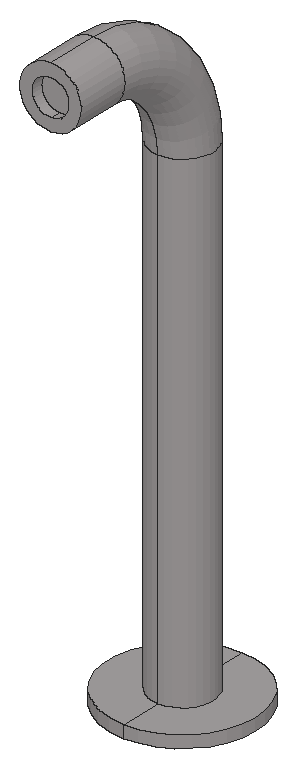
Revit family "Reece_Tap_Milli_Pure_Basin Outlet_Wall Mount_250 mm", category Plumbing Fixtures, host Face, Revit 2018
Family settings
  Host = Face
  Round Connector Dimension = Use Diameter
  Part Type = Normal
  Cut with Voids When Loaded = No
  Shared = Yes
  Room Calculation Point = Yes
Parameters (values of type "Brushed Gunmetal")
  URL = "https://www.reece.com.au/product/-2281307"
  Type Comments = "Tap"
  Reece_Product_Web Page = "https://www.reece.com.au/product/-2281307"
  Reece_Product_Type = "Tap"  # constant formula
  Reece_Product_Sub Brand = "Pure"  # constant formula
  Reece_Product_Number = "2281307"
  WFU = 0  # constant formula
  Reece_Tap_Reach = 250 mm  # constant formula
  Reece_Tap_Inlet = 15 mm  # constant formula
  Reece_Stand_Baseplate_Radius = 30 mm  # constant formula
  Reece_Product_Mount = "Wall Mounted"
  Reece_Product_Description = "Milli Pure Wall Basin Outlet 250mm Brushed Gunmetal (3 Star)"
  Reece_Product_Brand = "Milli"  # constant formula
  Reece_Overall_Length = 262.5 mm  # constant formula
  Reece_Material_Main = Reece_Brass_Brushed Gunmetal
  Reece_Detail_Shape = ""
  Reece_Detail_Installation = ""
  Reece_Detail_Disclaimer = "THIS FILE IS THE PROPERTY OF THE REECE GROUP. IT MAY NOT BE REPRODUCED, REVERSE-ENGINEERED OR MODIFIED. ANY REPUBLICATION, TRANSMISSION OR DISTRIBUTION FOR THE PURPOSE OF COMMERCIALLY EXPLOITING THE FILES IS PROHIBITED."  # constant formula
  Reece_Detail_Connector = ""
  Reece_Detail_Additional = ""
  Reece_Baseplate_Void Cut Radius = 20 mm  # constant formula
  Model = "Pure"
  Manufacturer = "Milli"
  Keynote = "Product #2281307, Reece_Tap_Milli_Pure_Basin Outlet_Wall Mount_250 mm - Brushed Gunmetal"
  HWFU = 0  # constant formula
  Disclaimer = "THIS FILE IS THE PROPERTY OF THE REECE GROUP. IT MAY NOT BE REPRODUCED, REVERSE-ENGINEERED OR MODIFIED. ANY REPUBLICATION, TRANSMISSION OR DISTRIBUTION FOR THE PURPOSE OF COMMERCIALLY EXPLOITING THE FILES IS PROHIBITED."  # constant formula
  Description = "Milli Pure Wall Basin Outlet 250mm Brushed Gunmetal (3 Star)"
  Default Elevation = 1000 mm
  CWFU = 0  # constant formula
Types (5, lengths in mm): name | URL | Reece_Product_Web Page | Reece_Product_Number | Reece_Product_Description | Reece_Material_Main | Keynote | Description
  Chrome | "https://www.reece.com.au/product/-2263286" | "https://www.reece.com.au/product/-2263286" | "2263286" | "Milli Pure Wall Basin Outlet 250mm Chrome (3 Star)" | Reece_Brass_Chrome | "Product #2263286, Reece_Tap_Milli_Pure_Basin Outlet_Wall Mount_250 mm - Chrome" | "Milli Pure Wall Basin Outlet 250mm Chrome (3 Star)"
  Matte Black | "https://www.reece.com.au/product/-2281229" | "https://www.reece.com.au/product/-2281229" | "2281229" | "Milli Pure Wall Basin Outlet 250mm Matte Black (3 Star)" | Reece_Brass_Matte Black | "Product #2281229, Reece_Tap_Milli_Pure_Basin Outlet_Wall Mount_250 mm - Matte Black" | "Milli Pure Wall Basin Outlet 250mm Matte Black (3 Star)"
  Brushed Gunmetal | "https://www.reece.com.au/product/-2281307" | "https://www.reece.com.au/product/-2281307" | "2281307" | "Milli Pure Wall Basin Outlet 250mm Brushed Gunmetal (3 Star)" | Reece_Brass_Brushed Gunmetal | "Product #2281307, Reece_Tap_Milli_Pure_Basin Outlet_Wall Mount_250 mm - Brushed Gunmetal" | "Milli Pure Wall Basin Outlet 250mm Brushed Gunmetal (3 Star)"
  PVD Brushed Bronze | "https://www.reece.com.au/product/-9511092" | "https://www.reece.com.au/product/-9511092" | "9511092" | "Milli Pure Wall Basin Outlet 250mm PVD Brushed Bronze (3 Star)" | Reece_PVD_Brushed Bronze | "Product #9511092, Reece_Tap_Milli_Pure_Basin Outlet_Wall Mount_250 mm - PVD Brushed Bronze" | "Milli Pure Wall Basin Outlet 250mm PVD Brushed Bronze (3 Star)"
  PVD Brushed Gold | "https://www.reece.com.au/product/-9510907" | "https://www.reece.com.au/product/-9510907" | "9510907" | "Milli Pure Wall Basin Outlet 250mm PVD Brushed Gold (3 Star)" | Reece_PVD_Brushed Gold | "Product #9510907, Reece_Tap_Milli_Pure_Basin Outlet_Wall Mount_250 mm - PVD Brushed Gold" | "Milli Pure Wall Basin Outlet 250mm PVD Brushed Gold (3 Star)"
Reference planes
  plane 1 "Center (Front/Back)": y = 0
  plane 2: z = 0
  plane 3 "Center (Left/Right)": x = 0
  plane 4: z = 250
  plane 5: y = -67
  plane 6: z = 262.5
Forms (mm)
  Revolve 1, solid, material "Reece_Brass_Brushed Gunmetal" <- "Reece_Material_Main"
    sketch origin (0, 0, 23) x (0, 1, 0) y (0, 0, 1)
      loop
        line (10, -17.988) -> (10, -19.988) -> (27.956, -19.988) -> (27.956, -23) -> (30, -23) -> (30, -17.988) -> (10, -17.988)
      axis (0, -17.988) -> (0, -23)
    angle from 0 to 360
  Sweep 2, solid, material "Reece_Brass_Brushed Gunmetal" <- "Reece_Material_Main"
    path origin (0, 0, 0) x (0, 1, 0) y (0, 0, 1)
      loop
        line (0, 5.012) -> (0, 205)
        arc (0, 205) -> (-13.18, 236.82) -> (-45, 250) r 45
        line (-45, 250) -> (-67, 250)
    profile origin (0, 0, 105.006) x (0, -1, 0) y (1, 0, 0)
      loop
        circle (0, 0) r 12.5
      loop
        circle (0, 0) r 7.5
  Extrusion 3, solid, material "Reece_Brass_Brushed Gunmetal" <- "Reece_Material_Main"
    sketch origin (0, -68.351, 160) x (1, 0, 0) y (0, 0, 1)
      loop
        circle (0, 90) r 7.5
    from -10 to -5.89
  Revolve 4, void
    sketch origin (0, 0, 39.453) x (0, 1, 0) y (0, 0, 1)
      loop
        line (-20, -39.453) -> (-20, -79.453) -> (0, -79.453) -> (0, -39.453) -> (-20, -39.453)
      axis (0, -39.453) -> (0, -79.453)
    angle from 0 to 360
Cuts and joins
  Revolve 4 cuts Revolve 1
  Revolve 4 cuts Sweep 2
  joined: Revolve 1, Sweep 2
Text (mm)
  text "Reece Copyright © 2018, Reece Ltd." at (-1164.308, -468.56, 0), in view "Ref. Level"
  text "Reece ©" at (-7.653, 198.338, 183.77), in view "Reece Preview"
Dimensions and locks
  "Reece_Stand_Baseplate_Radius": Revolve 1 sketch curve to Revolve 1 sketch curve
  "Reece_Tap_Reach": plane 4 to host face
  "Reece_Baseplate_Void Cut Radius": Revolve 4 sketch curve to Revolve 4 sketch curve
  plane 5 to plane 1 "Center (Front/Back)" = 67 mm
  "Reece_Overall_Length": plane 6 to plane 2
  aligned and locked: host face to plane 2
  aligned and locked: level to host face
  aligned and locked: Revolve 4 sketch curve to Revolve 4 sketch curve
Automatic sketch dimensions
  host sketch curve to host sketch curve = 481.758 mm
  host sketch curve to host sketch curve = 479.681 mm
  Sweep 2 sketch curve to plane 3 "Center (Left/Right)" = 0 mm
  Sweep 2 sketch curve to profile plane = 0 mm
  Sweep 2 sketch curve to Sweep 2 sketch curve = 0 mm  (x2)
  Sweep 2 sketch curve to plane 4 = 0 mm
  Sweep 2 sketch curve to plane 5 = 0 mm
  Sweep 2 sketch curve to plane 1 "Center (Front/Back)" = 0 mm
  plane 5 to Sweep 2 sketch curve = 22 mm
  level to Sweep 2 sketch curve = 5.012 mm
  Extrusion 3 sketch curve to Extrusion 3 sketch curve = 0 mm  (x2)
  Extrusion 3 sketch curve to plane 3 "Center (Left/Right)" = 0 mm
  Extrusion 3 sketch curve to plane 4 = 0 mm
  Extrusion 3 sketch curve to plane 4 = 7.5 mm
  Revolve 1 sketch curve to plane 1 "Center (Front/Back)" = 0 mm
  Revolve 1 sketch curve to level = 0 mm
  Revolve 1 sketch curve to plane 1 "Center (Front/Back)" = 10 mm
  Revolve 1 sketch curve to Revolve 1 sketch curve = 2.044 mm
  level to Revolve 1 sketch curve = 3.012 mm
  Revolve 1 sketch curve to Revolve 1 sketch curve = 2 mm
  Revolve 1 sketch curve to level = 317.81 mm
  plane 6 to Revolve 1 sketch curve = 434.332 mm
  Revolve 4 sketch curve to level = 0 mm
  Revolve 4 sketch curve to plane 1 "Center (Front/Back)" = 0 mm
  Revolve 4 sketch curve to level = 40 mm
  Revolve 4 sketch curve to Revolve 4 sketch curve = 261.356 mm
  plane 6 to Revolve 4 sketch curve = 1851.207 mm
  radius of Sweep 2 sketch curve = 12.5 mm
  radius of Sweep 2 sketch curve = 7.5 mm
Connectors
  piping at (0, 0, 0), diameter 15, driven by "Reece_Tap_Inlet"
    settings: on host face, index 1, connector inside diameter 609.6 mm, connector length 0 mm, flow factor 0, pipe flow 0.0 L/s, pressure drop 0.0 Pa, fitting loss kfactor 0, connector angle 0.00°, fixture units 0, engagement length 0 mm, angle of deflection 0.00°, flow configuration 0, flow direction 1, fitting loss method 0, system type 29, joint type 0, gender type 0, connector reference index -1, connector utility 0, adjustable connector no, is connector primary yes, connector description ""
